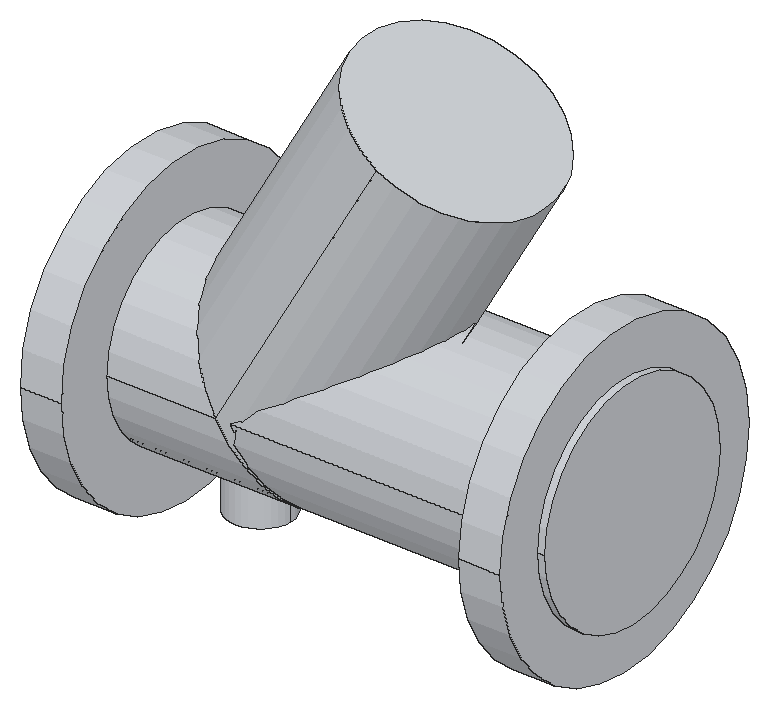
Revit family "HS 821-síto_jemné-PN25-DN150-RFA_2018", category Pipe Accessories, Revit 2018
Family settings
  Round Connector Dimension = Use Diameter
  Part Type = Breaks Into
  Work Plane-Based = No
  Always vertical = Yes
  Cut with Voids When Loaded = No
  Shared = No
Parameters (values of type "821D-DN150-PN25-síto_jemné")
  magiProductId = "9cf8acfcd15547d68e83172d3abcbe"
  magiProductFamilyId = "79214ac3aaa945e397802f559f5c1e"
  magiPartTypeId = 307
  isMeasuringValve [instance] = no
  ang2D [instance] = 0.00°
  ZB__ve = -ZB  # -47 mm
  ZB1 = 85.455 mm
  ZB = 47 mm
  X2 = 155.885 mm
  X1 = 67.2 mm
  W2D = 15 mm
  VersionID = "2.0/2017.9.26.1/ZETKAMA_821_001"
  Use Minimum Symbol Size [instance] = yes
  URL = "www.hydronic.cz"
  Type Comments = "Filtr přírubový; síto jemné; A-PN16 (-10~300°C); D-PN25 (-10~350°C); F-PN40 (-10~400°C)"
  S = 211 mm
  QmdConnectorList = "301;D;302;D"
  Productdata [instance] = ""
  Manufacturer = "Hydronic Systems Prague s.r.o."
  MC Product Code = "210 292 (821D; DN150; PN25; kvs401,4; oko síta 0,63mm)"
  LM1 = 38.4 mm
  LM = 384 mm
  L4 = 120 mm
  L2D_Min = 3048 mm
  L2D = 130 mm
  L2 = 240 mm
  HH2 = 270 mm
  FD = 300 mm
  Description = "Filtr přírubový; síto jemné; 821A-PN16; 821D-PN25; 821F-PN40"
  DM1 = 192 mm
  DM = 189.9 mm
  D = 150 mm
  CC = 8.16 mm
  CAT0 = yes
  C1 = 39.84 mm
  C = 48 mm
  BD = 59.818 mm
Types (40, lengths in mm): name | magiProductId | ZB__ve | ZB1 | ZB | X2 | X1 | S | MC Product Code | LM1 | LM | L4 | L2 | HH2 | FD | DM1 | DM | D | CC | C1 | C | BD
  821A-DN015-PN16-síto_jemné | "a71bcfe8b393460598b23e8ddf7dc5" | -16.25 | 18.63 | 16.25 | 46.982 | 18.2 | 46 | "210 115 (821A; DN015; PN16; kvs6,2; oko síta 0,63mm)" | 10.4 | 104 | 32.5 | 65 | 81.375 | 95 | 27.6 | 41.4 | 15 | 2.21 | 10.79 | 13 | 13.041
  821A-DN020-PN16-síto_jemné | "41cd6c7a12924f4991217528336076" | -17.75 | 22.68 | 17.75 | 51.673 | 21 | 56 | "210 120 (821A; DN020; PN16; kvs9,6; oko síta 0,63mm)" | 12 | 120 | 37.5 | 75 | 89.5 | 105 | 33.6 | 50.4 | 20 | 2.55 | 12.45 | 15 | 15.876
  821A-DN025-PN16-síto_jemné | "be378b463ed14c3abf4c9b3ae8cf3a" | -19.25 | 26.325 | 19.25 | 58.601 | 22.4 | 65 | "210 125 (821A; DN025; PN16; kvs14,2; oko síta 0,63mm)" | 12.8 | 128 | 40 | 80 | 101.5 | 115 | 43.2 | 58.5 | 25 | 2.72 | 13.28 | 16 | 18.427
  821A-DN032-PN16-síto_jemné | "227a0d18b21540afabe8b6067d35fa" | -23 | 30.78 | 23 | 68.849 | 25.2 | 76 | "210 132 (821A; DN032; PN16; kvs23,1; oko síta 0,63mm)" | 14.4 | 144 | 45 | 90 | 119.25 | 140 | 50.4 | 68.4 | 32 | 3.06 | 14.94 | 18 | 21.546
  821A-DN040-PN16-síto_jemné | "d106917c74724141a10440112d0102" | -24.5 | 34.02 | 24.5 | 75.777 | 28 | 84 | "210 140 (821A; DN040; PN16; kvs36,6; oko síta 0,63mm)" | 16 | 160 | 50 | 100 | 131.25 | 150 | 60 | 75.6 | 40 | 3.4 | 16.6 | 20 | 23.814
  821A-DN050-PN16-síto_jemné | "8255d456a09e4f6486734f5dd9171b" | -26.75 | 40.095 | 26.75 | 79.061 | 32.2 | 99 | "210 150 (821A; DN050 PN16; kvs53,7; oko síta 0,63mm)" | 18.4 | 184 | 57.5 | 115 | 136.938 | 165 | 73.8 | 89.1 | 50 | 3.91 | 19.09 | 23 | 28.066
  821A-DN065-PN16-síto_jemné | "235b1b3e4c0843779a4d5e3716d40a" | -29.75 | 47.79 | 29.75 | 86.927 | 40.6 | 118 | "210 165 (821A; DN065; PN16; kvs95,1; oko síta 0,63mm)" | 23.2 | 232 | 72.5 | 145 | 150.562 | 185 | 94.2 | 106.2 | 65 | 4.93 | 24.07 | 29 | 33.453
  821A-DN080-PN16-síto_jemné | "a067f7c5236348ed8c820d16df7214" | -32 | 53.46 | 32 | 104.753 | 43.4 | 132 | "210 180 (821A; DN080; PN16; kvs137,1; oko síta 0,63mm)" | 24.8 | 248 | 77.5 | 155 | 181.438 | 200 | 107.4 | 118.8 | 80 | 5.27 | 25.73 | 31 | 37.422
  821A-DN100-PN16-síto_jemné | "c49a648c2747461285837d643703cd" | -35 | 63.18 | 35 | 114.857 | 49 | 156 | "210 190 (821A; DN100; PN16; kvs206,4; oko síta 0,63mm)" | 28 | 280 | 87.5 | 175 | 198.937 | 220 | 131.4 | 140.4 | 100 | 5.95 | 29.05 | 35 | 44.226
  821A-DN125-PN16-síto_jemné | "bf68e728a163493cbd2a663b26ebdc" | -39.5 | 74.52 | 39.5 | 131.888 | 56 | 184 | "210 191 (821A; DN125; PN16; kvs268,8; oko síta 0,63mm)" | 32 | 320 | 100 | 200 | 228.438 | 250 | 165 | 165.6 | 125 | 6.8 | 33.2 | 40 | 52.164
  821A-DN150-PN16-síto_jemné | "2de770284b654863ae6bc865769dc5" | -44.75 | 85.455 | 44.75 | 155.885 | 67.2 | 211 | "210 192 (821A; DN150; PN16; kvs401,4; oko síta 0,63mm)" | 38.4 | 384 | 120 | 240 | 270 | 285 | 192 | 189.9 | 150 | 8.16 | 39.84 | 48 | 59.818
  821A-DN200-PN16-síto_jemné | "8e5693371ab64aabb29a7f08c76e15" | -53 | 107.73 | 53 | 188.361 | 84 | 266 | "210 193 (821A; DN200; PN16; kvs706,7; oko síta 0,63mm)" | 48 | 480 | 150 | 300 | 326.25 | 340 | 252 | 239.4 | 200 | 10.2 | 49.8 | 60 | 75.411
  821A-DN250-PN16-síto_jemné | "05e37ed948c34047acdd4c42556504" | -62.75 | 129.195 | 62.75 | 255.911 | 102.2 | 319 | "210 194 (821A; DN250; PN16; kvs1229,4; oko síta 0,63mm)" | 58.4 | 584 | 182.5 | 365 | 443.25 | 405 | 309.6 | 287.1 | 250 | 12.41 | 60.59 | 73 | 90.436
  821A-DN300-PN16-síto_jemné | "9ad0af747269428da925480d83ce80" | -71 | 149.85 | 71 | 325.914 | 119 | 370 | "210 195 (821A; DN300; PN16; kvs1902,4; oko síta 0,63mm)" | 68 | 680 | 212.5 | 425 | 564.5 | 460 | 369.6 | 333 | 300 | 14.45 | 70.55 | 85 | 104.895
  821A-DN350-PN16-síto_jemné | "eebc71459bb3451bb4355e7951370a" | -80 | 173.745 | 80 | 356.875 | 137.2 | 429 | "200 196 (821A; DN350; PN16; kvs2611,0; oko síta 0,63mm)" | 78.4 | 784 | 245 | 490 | 618.125 | 520 | 438 | 386.1 | 350 | 16.66 | 81.34 | 98 | 121.621
  821A-DN400-PN16-síto_jemné | "d2f677cb196647e385b2590e7d8abe" | -89 | 194.4 | 89 | 392.237 | 154 | 480 | "210 197 (821A; DN400; PN16; kvs3438,4; oko síta 0,63mm)" | 88 | 880 | 275 | 550 | 679.375 | 580 | 498 | 432 | 400 | 18.7 | 91.3 | 110 | 136.08
  821D-DN015-PN25-síto_jemné | "27ddcbf555414f8ca1fde329bf9087" | -16.25 | 18.63 | 16.25 | 46.982 | 18.2 | 46 | "210 215 (821D; DN015; PN25; kvs6,2; oko síta 0,63mm)" | 10.4 | 104 | 32.5 | 65 | 81.375 | 95 | 27.6 | 41.4 | 15 | 2.21 | 10.79 | 13 | 13.041
  821D-DN020-PN25-síto_jemné | "270e0f14012f47189cd0235c18faee" | -17.75 | 22.68 | 17.75 | 51.673 | 21 | 56 | "210 220 (821D; DN020; PN25; kvs9,6; oko síta 0,63mm)" | 12 | 120 | 37.5 | 75 | 89.5 | 105 | 33.6 | 50.4 | 20 | 2.55 | 12.45 | 15 | 15.876
  821D-DN025-PN25-síto_jemné | "b9a7fb4aa36643878c637d8e1ab992" | -19.25 | 26.325 | 19.25 | 58.601 | 22.4 | 65 | "210 225 (821D; DN025; PN25; kvs14,2; oko síta 0,63mm)" | 12.8 | 128 | 40 | 80 | 101.5 | 115 | 43.2 | 58.5 | 25 | 2.72 | 13.28 | 16 | 18.427
  821D-DN032-PN25-síto_jemné | "6be9a55c4e68400f94eec7e804204c" | -23 | 30.78 | 23 | 68.849 | 25.2 | 76 | "210 232 (821D; DN032; PN25; kvs23,1; oko síta 0,63mm)" | 14.4 | 144 | 45 | 90 | 119.25 | 140 | 50.4 | 68.4 | 32 | 3.06 | 14.94 | 18 | 21.546
  821D-DN040-PN25-síto_jemné | "c54511bd7f584ec2984291479612cb" | -24.5 | 34.02 | 24.5 | 75.777 | 28 | 84 | "210 240 (821D; DN040; PN25; kvs36,6; oko síta 0,63mm)" | 16 | 160 | 50 | 100 | 131.25 | 150 | 60 | 75.6 | 40 | 3.4 | 16.6 | 20 | 23.814
  821D-DN050-PN25-síto_jemné | "5483b1f596b04cd39b23a14a22c90e" | -26.75 | 40.095 | 26.75 | 79.061 | 32.2 | 99 | "210 250 (821D; DN050; PN25; kvs53,7; oko síta 0,63mm)" | 18.4 | 184 | 57.5 | 115 | 136.938 | 165 | 73.8 | 89.1 | 50 | 3.91 | 19.09 | 23 | 28.066
  821D-DN065-PN25-síto_jemné | "767b0f8318e94750bc7a9930ed5b30" | -29.75 | 47.79 | 29.75 | 86.927 | 40.6 | 118 | "210 265 (821D; DN065; PN25; kvs95,1; oko síta 0,63mm)" | 23.2 | 232 | 72.5 | 145 | 150.562 | 185 | 94.2 | 106.2 | 65 | 4.93 | 24.07 | 29 | 33.453
  821D-DN080-PN25-síto_jemné | "e21040fa3cc2404b858198f6b73709" | -32 | 53.46 | 32 | 104.753 | 43.4 | 132 | "210 280 (821D; DN080; PN25; kvs137,1; oko síta 0,63mm)" | 24.8 | 248 | 77.5 | 155 | 181.438 | 200 | 107.4 | 118.8 | 80 | 5.27 | 25.73 | 31 | 37.422
  821D-DN100-PN25-síto_jemné | "175ca87a506b40b3bc6b82f12f33cf" | -37.25 | 63.18 | 37.25 | 114.857 | 49 | 156 | "210 290 (821D; DN100; PN25; kvs206,4; oko síta 0,63mm)" | 28 | 280 | 87.5 | 175 | 198.937 | 235 | 131.4 | 140.4 | 100 | 5.95 | 29.05 | 35 | 44.226
  821D-DN125-PN25-síto_jemné | "77cc98d60da24855999a22dff726b2" | -42.5 | 74.52 | 42.5 | 131.888 | 56 | 184 | "210 291 (821D; DN125; PN25; kvs268,8; oko síta 0,63mm)" | 32 | 320 | 100 | 200 | 228.438 | 270 | 165 | 165.6 | 125 | 6.8 | 33.2 | 40 | 52.164
  821D-DN150-PN25-síto_jemné | "9cf8acfcd15547d68e83172d3abcbe" | -47 | 85.455 | 47 | 155.885 | 67.2 | 211 | "210 292 (821D; DN150; PN25; kvs401,4; oko síta 0,63mm)" | 38.4 | 384 | 120 | 240 | 270 | 300 | 192 | 189.9 | 150 | 8.16 | 39.84 | 48 | 59.818
  821D-DN200-PN25-síto_jemné | "16973f3c9ea14389ba8602495a6b64" | -56 | 110.97 | 56 | 188.361 | 84 | 274 | "210 293 (821D; DN200; PN25; kvs706,7; oko síta 0,63mm)" | 48 | 480 | 150 | 300 | 326.25 | 360 | 252 | 246.6 | 200 | 10.2 | 49.8 | 60 | 77.679
  821F-DN015-PN40-síto_jemné | "4c7eaf3c4c0340888b3e684d8a8616" | -16.25 | 18.225 | 16.25 | 46.982 | 18.2 | 45 | "250 615 (821F; DN015; PN40; kvs6,2; oko síta 0,63mm)" | 10.4 | 104 | 32.5 | 65 | 81.375 | 95 | 27.6 | 40.5 | 15 | 2.21 | 10.79 | 13 | 12.757
  821F-DN020-PN40-síto_jemné | "aaac5f1ec96b44d6ba96ac2293d66d" | -17.75 | 23.49 | 17.75 | 51.673 | 21 | 58 | "250 620 (821F; DN020; PN40; kvs9,6; oko síta 0,63mm)" | 12 | 120 | 37.5 | 75 | 89.5 | 105 | 33.6 | 52.2 | 20 | 2.55 | 12.45 | 15 | 16.443
  821F-DN025-PN40-síto_jemné | "504768023968471481789485b54c7e" | -19.25 | 27.54 | 19.25 | 58.601 | 22.4 | 68 | "250 625 (821F; DN025; PN40; kvs14,2; oko síta 0,63mm)" | 12.8 | 128 | 40 | 80 | 101.5 | 115 | 43.2 | 61.2 | 25 | 2.72 | 13.28 | 16 | 19.278
  821F-DN032-PN40-síto_jemné | "165e7f39cf744f329bdf1c400dad12" | -23 | 31.59 | 23 | 68.849 | 25.2 | 78 | "250 632 (821F; DN032; PN40; kvs23,1; oko síta 0,63mm)" | 14.4 | 144 | 45 | 90 | 119.25 | 140 | 50.4 | 70.2 | 32 | 3.06 | 14.94 | 18 | 22.113
  821F-DN040-PN40-síto_jemné | "b8903f952089408fbf3a5a632bab1f" | -24.5 | 35.64 | 24.5 | 75.777 | 28 | 88 | "250 640 (821F; DN040; PN40; kvs36,6; oko síta 0,63mm)" | 16 | 160 | 50 | 100 | 131.25 | 150 | 60 | 79.2 | 40 | 3.4 | 16.6 | 20 | 24.948
  821F-DN050-PN40-síto_jemné | "c451f97266fe48da8f879cb6a2bd44" | -26.75 | 41.31 | 26.75 | 79.061 | 32.2 | 102 | "250 650 (821F; DN050; PN40; kvs53,7; oko síta 0,63mm)" | 18.4 | 184 | 57.5 | 115 | 136.938 | 165 | 73.8 | 91.8 | 50 | 3.91 | 19.09 | 23 | 28.917
  821F-DN065-PN40-síto_jemné | "dc9821e3f9b34e128f6a8c6b34c198" | -29.75 | 49.41 | 29.75 | 86.927 | 40.6 | 122 | "250 665 (821F; DN065; PN40; kvs95,1; oko síta 0,63mm)" | 23.2 | 232 | 72.5 | 145 | 150.562 | 185 | 94.2 | 109.8 | 65 | 4.93 | 24.07 | 29 | 34.587
  821F-DN080-PN40-síto_jemné | "689aa1e260f84cf4994f027a1d86b5" | -32 | 55.89 | 32 | 104.753 | 43.4 | 138 | "250 680 (821F; DN080; PN40; kvs137,1; oko síta 0,63mm)" | 24.8 | 248 | 77.5 | 155 | 181.438 | 200 | 107.4 | 124.2 | 80 | 5.27 | 25.73 | 31 | 39.123
  821F-DN100-PN40-síto_jemné | "8a45d4e8e2ab425f8c432f21d684f3" | -37.25 | 65.61 | 37.25 | 114.857 | 49 | 162 | "250 690 (821F; DN100; PN40; kvs206,4; oko síta 0,63mm)" | 28 | 280 | 87.5 | 175 | 198.937 | 235 | 131.4 | 145.8 | 100 | 5.95 | 29.05 | 35 | 45.927
  821F-DN125-PN40-síto_jemné | "cf073904c006406b8645afa67ea2fc" | -42.5 | 76.14 | 42.5 | 131.888 | 56 | 188 | "250 691 (821F; DN125; PN40; kvs268,8; oko síta 0,63mm)" | 32 | 320 | 100 | 200 | 228.438 | 270 | 165 | 169.2 | 125 | 6.8 | 33.2 | 40 | 53.298
  821F-DN150-PN40-síto_jemné | "0153b9ddabe14992a630484929fdbc" | -47 | 88.29 | 47 | 155.885 | 67.2 | 218 | "250 692 (821F; DN150; PN40; kvs401,4; oko síta 0,63mm)" | 38.4 | 384 | 120 | 240 | 270 | 300 | 192 | 196.2 | 150 | 8.16 | 39.84 | 48 | 61.803
  821F-DN200-PN40-síto_jemné | "7fb3fc01dd8d42428c203e3f8dd4d5" | -56 | 115.425 | 56 | 188.361 | 84 | 285 | "250 693 (821F; DN200; PN40; kvs706,7; oko síta 0,63mm)" | 48 | 480 | 150 | 300 | 326.25 | 360 | 252 | 256.5 | 200 | 10.2 | 49.8 | 60 | 80.797
Reference planes
  plane 1 "Center (Front/Back)": y = 0
  plane 2 "XYPLANE": z = 0
  plane 3 "Center (Left/Right)": x = 0
  plane 4 "109": x = -153.6
  plane 5 "108": x = 192
  plane 6 "107": x = -192
  plane 7 "105": x = 240
  plane 8 "104": x = -240
  plane 9 "103": y = 0
  plane 10 "102": z = 0
  plane 11 "101": x = -231.84
  plane 12 "100": x = 231.84
  plane 13 "11": x = -86.4
  plane 14 "10": z = 270
  plane 15 "9": x = 69.485
  plane 16 "5": z = -85.455
  plane 17 "4": x = -120
  plane 18 "1": x = 120
Forms (mm)
  Extrusion 1, solid, visible <- "CAT0"
    sketch origin (-192, -750, 0) x (0, 1, 0) y (0, 0, 1)
      loop
        circle (750, 0) r 94.95
    from 0 to 384 <- "LM"
  Extrusion 2, solid
    sketch origin (-240, -750, 0) x (0, 1, 0) y (0, 0, 1)
      loop
        circle (750, 0) r 105.5
    from 0 to 8.16 <- "CC"
  Extrusion 3, solid
    sketch origin (-231.84, -750, 0) x (0, 1, 0) y (0, 0, 1)
      loop
        circle (750, 0) r 150
    from 0 to 39.84 <- "C1"
  Extrusion 4, solid
    sketch origin (192, -750, 0) x (0, 1, 0) y (0, 0, 1)
      loop
        circle (750, 0) r 150
    from 0 to 39.84 <- "C1"
  Extrusion 5, solid
    sketch origin (231.84, -750, 0) x (0, 1, 0) y (0, 0, 1)
      loop
        circle (750, 0) r 105.5
    from 0 to 8.16 <- "CC"
  Sweep 6, solid, visible <- "CAT0"
    path origin (750, 0, 0) x (-1, 0, 0) y (0, 0, 1)
      loop
        line (942, 0) -> (836.4, 0) -> (680.515, 270)
    profile origin (-192, 0, 0) x (0, 0, -1) y (0, 1, 0)
      loop
        circle (0, 0) r 96
  Extrusion 7, solid, visible <- "CAT0"
    sketch origin (-750, 0, -85.455) x (1, 0, 0) y (0, 1, 0)
      loop
        circle (630, 0) r 29.909
    from 0 to -47 <- "ZB__ve"
  Extrusion 8, solid, visible <- "CAT0"
    sketch origin (-750, 0, -85.455) x (1, 0, 0) y (0, 1, 0)
      loop
        circle (870, 0) r 29.909
    from 0 to -47 <- "ZB__ve"
  Extrusion 9, solid, not visible
    sketch origin (240, -750, 0) x (0, 1, 0) y (0, 0, 1)
      loop
        circle (750, 0) r 10
    from 0 to -10
  Extrusion 10, solid, not visible
    sketch origin (-240, -750, 0) x (0, 1, 0) y (0, 0, 1)
      loop
        circle (750, 0) r 10
    from 0 to 10
Lines and regions (mm)
  reference lines, not visible
    curve 1: circle (2, 2, 0) r 1 normal (0, 0, 1)
Dimensions and locks
  plane 1 "Center (Front/Back)" to curve 1 = 2 mm
  "LM1": plane 6 "107" to plane 4 "109"
  "LM": plane 6 "107" to plane 5 "108"
  "C": plane 8 "104" to plane 6 "107"
  "L2": plane 3 "Center (Left/Right)" to plane 7 "105"
  "L2": plane 3 "Center (Left/Right)" to plane 8 "104"
  locked: plane 1 "Center (Front/Back)" to plane 9 "103"
  locked: plane 2 "XYPLANE" to plane 10 "102"
  "CC": plane 8 "104" to plane 11 "101"
  "C1": plane 5 "108" to plane 12 "100"
  "X1": plane 4 "109" to plane 13 "11"
  "HH2": plane 2 "XYPLANE" to plane 14 "10"
  "X2": plane 13 "11" to plane 15 "9"
  "ZB1": plane 2 "XYPLANE" to plane 16 "5"
  "L4": plane 8 "104" to plane 17 "4"
  "L2": plane 17 "4" to plane 18 "1"
  Sweep 6 sketch curve to Sweep 6 sketch curve = 0 mm  (x2)
  "DM": diameter of Extrusion 1 sketch curve
  "S": diameter of Extrusion 2 sketch curve
  "FD": diameter of Extrusion 3 sketch curve
  "FD": diameter of Extrusion 4 sketch curve
  "S": diameter of Extrusion 5 sketch curve
  "DM1": diameter of Sweep 6 sketch curve
  "BD": diameter of Extrusion 7 sketch curve
  "BD": diameter of Extrusion 8 sketch curve
  aligned and locked: level to plane 2 "XYPLANE"
  aligned and locked: Extrusion 1 sketch curve to plane 9 "103"
  aligned and locked: plane 10 "102" to Extrusion 1 sketch curve
  aligned and locked: Extrusion 2 sketch curve to plane 9 "103"
  aligned and locked: plane 10 "102" to Extrusion 2 sketch curve
  aligned and locked: Extrusion 3 sketch curve to plane 9 "103"
  aligned and locked: plane 10 "102" to Extrusion 3 sketch curve
  aligned and locked: Extrusion 4 sketch curve to plane 9 "103"
  aligned and locked: plane 10 "102" to Extrusion 4 sketch curve
  aligned and locked: Extrusion 5 sketch curve to plane 9 "103"
  aligned and locked: plane 10 "102" to Extrusion 5 sketch curve
  aligned and locked: Sweep 6 sketch curve to plane 9 "103"
  aligned and locked: plane 10 "102" to Sweep 6 sketch curve  (x3)
  aligned and locked: plane 6 "107" to Sweep 6 sketch curve
  aligned and locked: plane 13 "11" to Sweep 6 sketch curve
  aligned and locked: plane 14 "10" to Sweep 6 sketch curve
  aligned and locked: plane 15 "9" to Sweep 6 sketch curve
  aligned and locked: plane 9 "103" to Extrusion 7 sketch curve
  aligned and locked: plane 17 "4" to Extrusion 7 sketch curve
  aligned and locked: plane 9 "103" to Extrusion 8 sketch curve
  aligned and locked: plane 18 "1" to Extrusion 8 sketch curve
  aligned and locked: Extrusion 9 sketch curve to plane 9 "103"
  aligned and locked: plane 10 "102" to Extrusion 9 sketch curve
  aligned and locked: Extrusion 10 sketch curve to plane 9 "103"
  aligned and locked: plane 10 "102" to Extrusion 10 sketch curve
Automatic sketch dimensions
  plane 1 "Center (Front/Back)" to Extrusion 9 sketch curve = 10 mm
  plane 1 "Center (Front/Back)" to Extrusion 10 sketch curve = 10 mm
  plane 3 "Center (Left/Right)" to curve 1 = 2 mm
  radius of curve 1 = 1 mm
Connectors
  piping at (-240, 0, 0), diameter 150, driven by "D"
    settings: on Extrusion 10, index 1, connector inside diameter 609.6 mm, connector length 0 mm, flow factor 0, pipe flow 0.0 L/s, pressure drop 0.0 Pa, fitting loss kfactor 0, connector angle 0.00°, fixture units 0, engagement length 0 mm, angle of deflection 0.00°, flow configuration 0, flow direction 0, fitting loss method 0, system type 29, joint type 0, gender type 0, connector reference index 2, connector utility 0, adjustable connector no, is connector primary yes, connector description ""
  piping at (240, 0, 0), diameter 150, driven by "D"
    settings: on Extrusion 9, index 2, connector inside diameter 609.6 mm, connector length 0 mm, flow factor 0, pipe flow 0.0 L/s, pressure drop 0.0 Pa, fitting loss kfactor 0, connector angle 0.00°, fixture units 0, engagement length 0 mm, angle of deflection 0.00°, flow configuration 0, flow direction 0, fitting loss method 0, system type 29, joint type 0, gender type 0, connector reference index 1, connector utility 0, adjustable connector no, is connector primary no, connector description ""
